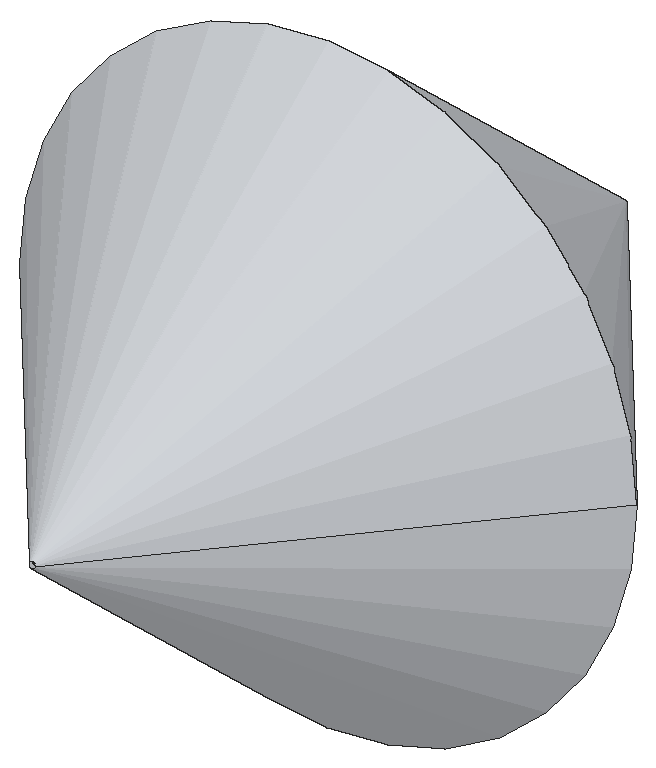
Revit family "コネクタ", category 一般モデル, Revit 2021
Family settings
  鉄筋をホスト可能 = いいえ
  丸型コネクタ寸法 = 直径を使用
  パーツ タイプ = 標準
  作業面ベース = いいえ
  常に垂直 = はい
  ロード時にボイドで切り取り = いいえ
  共有 = いいえ
  部屋計算ポイント = いいえ
Parameters
  直径2 = 1 mm
  直径 [instance] = 100 mm
  既定の高さ = 0 mm
Reference planes
  plane 1 "中心(正面/背面)": y = 0
  plane 2: z = 0
  plane 3 "中心(左/右)": x = 0
Forms (mm)
  Blend 1, solid
    base sketch origin (0, 0, 0) x (1, 0, 0) y (0, 0, 1)
      loop
        circle (0, 0) r 50
    top sketch origin (0, 0, 0) x (1, 0, 0) y (0, 0, 1)
      loop
        circle (0, 0) r 0.5
    from 0 to 60
  Blend 2, solid
    base sketch origin (0, 0, 0) x (1, 0, 0) y (0, 0, -1)
      loop
        circle (0, 0) r 50
    top sketch origin (0, 0, 0) x (1, 0, 0) y (0, 0, -1)
      loop
        circle (0, 0) r 0.5
    from 0 to 60
Cuts and joins
  joined: Blend 1, Blend 2
Dimensions and locks
  "直径": diameter of Blend 1 sketch curve
  "直径2": diameter of Blend 1 sketch curve
  "直径": diameter of Blend 2 sketch curve
  "直径2": diameter of Blend 2 sketch curve
  aligned and locked: level to plane 2
Automatic sketch dimensions
  Blend 1 sketch curve to level = 0 mm  (x2)
  Blend 1 sketch curve to plane 3 "中心(左/右)" = 0 mm  (x2)
  Blend 2 sketch curve to level = 0 mm  (x2)
  Blend 2 sketch curve to plane 3 "中心(左/右)" = 0 mm  (x2)
